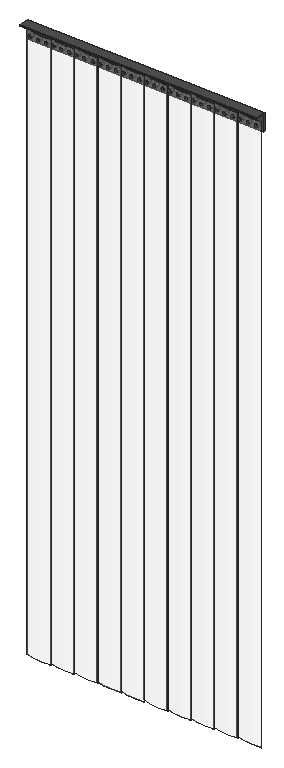
Revit family "Door_ClearStrip_SuperSeal_9010-1", category Doors, host Wall, Revit 2011
Parameters (values of type "ByType")
  Wind Load = ""
  Water Penetration = ""
  Strip Height = Rough Height + 0' 1 1/2"  # 7' - 1 1/2"
  Sound Transmission Class (STC) = 0
  RO Offset = 0' - 0"
  Panel Material = Fabric - Vinyl - Super Seal - Transparent
  Panel Height = 6' - 0"
  Manufacturer Phone = "800-337-3239 "
  Function = Interior
  Frame Thickness = 0' - 5"
  Frame Finish = Metal - Steel - Super Seal - Painted - Black
  Building Code Conformance = ""
  Air Infiltration = ""
  ASTM Conformance = ""
  Panel Width = 2' - 0"
  Warranty Duration (Years) = 0
  URL = "http://www.supersealmfg.com/"
  Thickness = 0' - 0 1/4"
  Test Data = ""
  Specification = ""
  SpecWizard = ""
  Send Message = "http://www.arcat.com/users.pl?action=UserEmail&company=Super-Seal%20Mfg.%20Ltd&coid=44693&rep=119&fax=905-850-4440 &mf="
  Sales Information = "http://www.supersealmfg.com/ContactUs.htm"
  Rough Width = (Width + (RO Offset * 2))  # 3' - 0"
  Rough Height = (Height + (RO Offset))  # 7' - 0"
  R_Value = 0
  Product Properties = ""
  Product Data = "http://arcat.com/arcatcos/cos44/arc44693.html?isac=1&r=1"
  Manufacturer Website = "http://www.supersealmfg.com/"
  Manufacturer Phone - Toll Free = "800-337-3239 "
  Manufacturer Fax = "905-850-4440 "
  Manufacturer Address = "670 Rowntree Dairy Rd. Woodbridge , ON, Canada L4L-5T8"
  Maintenance Schedule (Months) = 0
  Installation-Fabrication = ""
  Installation Phase = ""
  Green Building-LEED = ""
  Model = "As Specified"
  Manufacturer = "Super-Seal Mfg. Ltd"
  Keynote = "08300"
  Height = 7' - 0"
  Wall Closure = By host
  Width = 3' - 0"
  Fire Rating = "As Specified"
  Expected Lifespan (Years) = 0
  Drawn By = "Sumex Design, Inc. / Robert S. Weygant, CSI, CDT, SCIP"
  Description = "Super Seal "
  Copyright = "©Arcat Inc."
  Construction Details = "http://arcat.com/details/supersea/supersea.html?coid=44693"
  Building Codes = ""
  Assembly Code = ""
  ADA Compliant = yes
  AAMA Designation = ""
Reference planes (in)
  plane 1 "Center (Front/Back)": y = -33.96225
  plane 2 "Center (Left/Right)": x = 64.28704
  plane 3: z = 0
  plane 4 "Right": x = 82.28704
  plane 5 "Left": x = 46.28704
  plane 6 "Closure": y = -35.96225
  plane 7: z = 0
  plane 8 "Top of Frame": z = 84
  plane 9 "RO Top": z = 84
  plane 10 "RO Right": x = 82.28704
  plane 11 "RO Left": x = 46.28704
  plane 12: x = 106.28704
  plane 13: z = 48
Forms (in)
  Extrusion 1, solid, material "Metal - Steel - Super Seal - Painted - Black" <- "Frame Finish"
    sketch origin (46.28704, 0, 0) x (0, 0, 1) y (0, 1, 0)
      loop
        line (84, -35.96225) -> (84, -36.08725) -> (86.375, -36.08725) -> (86.375, -37.46225) -> (86.5, -37.46225) -> (86.5, -35.96225) -> (84, -35.96225)
    from 0 to -36
Lines and regions (in)
  Opening 1
    outline origin (-109.33485, -35.96225, 0) x (1, 0, 0) y (0, 0, 1)
      loop
        line (155.62189, 0) -> (191.62189, 0) -> (191.62189, 84) -> (155.62189, 84) -> (155.62189, 0)
Text (in)
  text "Exterior" at (36.47868, -4.19089, 0), in view "A101 - Plan View"
  text "Interior" at (36.47868, -56.64559, 0), in view "A101 - Plan View"
  text "Exterior" at (0, -17.98638, 123.01588), in view "Right"
  text "Interior" at (0, -64.39139, 123.01588), in view "Right"
  text "Interior" at (0, -52.09468, 121.14095), in view "Left"
  text "Exterior" at (0, 26.35325, 123.00693), in view "Left"
Dimensions and locks (in)
  equal spacing: plane 4 "Right", plane 2 "Center (Left/Right)", plane 5 "Left"
  "Width": plane 5 "Left" to plane 4 "Right"
  "Height": level to plane 8 "Top of Frame"
  "RO Offset": plane 5 "Left" to plane 11 "RO Left"
  "RO Offset": plane 10 "RO Right" to plane 4 "Right"
  "RO Offset": plane 9 "RO Top" to plane 8 "Top of Frame"
  locked: plane 13 to level at 48
  locked: plane 4 "Right" to plane 12 at 24
  locked: host wall to nested 1 at 0.125
  aligned and locked: host wall to plane 1 "Center (Front/Back)"
  aligned and locked: host wall to plane 6 "Closure"
  aligned and locked: Opening 1 sketch curve to level
  aligned and locked: plane 10 "RO Right" to Opening 1 sketch curve
  aligned and locked: Opening 1 sketch curve to plane 9 "RO Top"
  aligned and locked: plane 11 "RO Left" to Opening 1 sketch curve
  aligned and locked: plane 2 "Center (Left/Right)" to nested 1
  aligned and locked: Extrusion 1 to plane 4 "Right"
Automatic sketch dimensions
  Extrusion 1 sketch curve to host wall = 0' - 0"
  Extrusion 1 sketch curve to plane 9 "RO Top" = 0' - 0"
  plane 9 "RO Top" to Extrusion 1 sketch curve = 0' - 2 3/8"
  Extrusion 1 sketch curve to Extrusion 1 sketch curve = 0' - 0 1/8"
  host wall to Extrusion 1 sketch curve = 0' - 0 1/8"
  Extrusion 1 sketch curve to Extrusion 1 sketch curve = 0' - 1 3/8"
Nested families (in)
  nested 1: "Door_ClearStrip" at (64.28704, -36.33725, 0), Material <- "Panel Material", Unit Width <- "Width", Unit Height <- "Strip Height", type "Door_ClearStrip"
    with offset 0' - 0", Unit Width 3' - 0", Unit Height 7' - 1 1/2", Strips 10, Material Fabric - Vinyl - Super Seal - Transparent
Definition of nested family "Door_ClearStrip"
  Parameters
    offset [instance] = 0' - 0"
    Warranty Duration (Years) = 0
    Unit Width [instance] = 3' - 1 1/2"
    Unit Height [instance] = 6' - 0"
    Unit Depth = 0' - 0 1/2"
    URL = "http://www.supersealmfg.com/"
    Strips [instance] = Unit Width / 0' 3 3/4"  # 10
    Specification = ""
    SpecWizard = ""
    Send Message = "http://www.arcat.com/users.pl?action=UserEmail&company=Super-Seal%20Mfg.%20Ltd&coid=44693&rep=119&fax=905-850-4440 &mf="
    Sales Information = "http://www.supersealmfg.com/ContactUs.htm"
    Revision = "R1_07-2011"
    Product Properties = ""
    Product Data = "http://arcat.com/arcatcos/cos44/arc44693.html?isac=1&r=1"
    Model = "As Specified"
    Material [instance] = none
    Manufacturer Website = "http://www.supersealmfg.com/"
    Manufacturer Phone - Toll Free = "800-337-3239 "
    Manufacturer Phone = "800-337-3239 "
    Manufacturer Fax = "905-850-4440 "
    Manufacturer Address = "670 Rowntree Dairy Rd. Woodbridge , ON, Canada L4L-5T8"
    Manufacturer = "Super-Seal Mfg. Ltd"
    Maintenance Schedule (Months) = 0
    Keynote = ""
    Installation-Fabrication = ""
    Installation Phase = ""
    Green Building-LEED = ""
    Expected Lifespan (Years) = 0
    Drawn By = "Sumex Design, Inc. / Robert S. Weygant, CSI, CDT, SCIP"
    Description = "Super Seal"
    Copyright = "©Arcat Inc."
    Construction Details = "http://arcat.com/details/supersea/supersea.html?coid=44693"
    Assembly Code = ""
  Reference planes (in)
    plane 1 "Center (Front/Back)": y = 0
    plane 2 "Bottom": z = 0
    plane 3 "Center (Left/Right)": x = 0
    plane 4 "Front": y = -0.25
    plane 5 "Back": y = 0.25
    plane 6 "Left": x = -18.75
    plane 7 "Right": x = 18.75
    plane 8 "Top": z = 72
  Dimensions and locks (in)
    equal spacing: plane 6 "Left", plane 3 "Center (Left/Right)", plane 7 "Right"
    "Unit Width": plane 6 "Left" to plane 7 "Right"
    equal spacing: plane 5 "Back", plane 1 "Center (Front/Back)", plane 4 "Front"
    "Unit Height": plane 8 "Top" to level
    "Unit Depth": plane 5 "Back" to plane 4 "Front"
    equal spacing: group 1, group 3, group 4, group 5, group 6, group 7, group 8, group 9, group 10, group 2  (x3)
    aligned and locked: plane 6 "Left" to nested 1
    aligned and locked: plane 7 "Right" to nested 2
    aligned and locked: plane 1 "Center (Front/Back)" to nested 2
    aligned and locked: plane 1 "Center (Front/Back)" to nested 1
  Nested families (in)
    nested 1: "Clear Strip" at (-16.75, 0, 0), Material <- "Material", Unit Height <- "Unit Height", type "Clear Strip"
      with offset 0' - 0", Unit Height 6' - 0", Material none
    nested 2: "Clear Strip" at (16.75, 0, 0), Material <- "Material", Unit Height <- "Unit Height", type "Clear Strip"
      with offset 0' - 0", Unit Height 6' - 0", Material none
    nested 3: "Clear Strip" at (-13.02778, 0, 0), Material <- "Material", Unit Height <- "Unit Height", type "Clear Strip"
      with offset 0' - 0", Unit Height 6' - 0", Material none
    nested 4: "Clear Strip" at (-9.30556, 0, 0), Material <- "Material", Unit Height <- "Unit Height", type "Clear Strip"
      with offset 0' - 0", Unit Height 6' - 0", Material none
    nested 5: "Clear Strip" at (-5.58333, 0, 0), Material <- "Material", Unit Height <- "Unit Height", type "Clear Strip"
      with offset 0' - 0", Unit Height 6' - 0", Material none
    nested 6: "Clear Strip" at (-1.86111, 0, 0), Material <- "Material", Unit Height <- "Unit Height", type "Clear Strip"
      with offset 0' - 0", Unit Height 6' - 0", Material none
    nested 7: "Clear Strip" at (1.86111, 0, 0), Material <- "Material", Unit Height <- "Unit Height", type "Clear Strip"
      with offset 0' - 0", Unit Height 6' - 0", Material none
    nested 8: "Clear Strip" at (5.58333, 0, 0), Material <- "Material", Unit Height <- "Unit Height", type "Clear Strip"
      with offset 0' - 0", Unit Height 6' - 0", Material none
    nested 9: "Clear Strip" at (9.30556, 0, 0), Material <- "Material", Unit Height <- "Unit Height", type "Clear Strip"
      with offset 0' - 0", Unit Height 6' - 0", Material none
    nested 10: "Clear Strip" at (13.02778, 0, 0), Material <- "Material", Unit Height <- "Unit Height", type "Clear Strip"
      with offset 0' - 0", Unit Height 6' - 0", Material none
  Definition of nested family "Clear Strip"
    Parameters
      offset [instance] = 0' - 0"
      Warranty Duration (Years) = 0
      Unit Width = 0' - 4"
      Unit Height [instance] = 6' - 0"
      Unit Depth = 0' - 0 1/2"
      URL = "http://www.supersealmfg.com/"
      Specification = ""
      SpecWizard = ""
      Send Message = "http://www.arcat.com/users.pl?action=UserEmail&company=Super-Seal%20Mfg.%20Ltd&coid=44693&rep=119&fax=905-850-4440 &mf="
      Sales Information = "http://www.supersealmfg.com/ContactUs.htm"
      Revision = "R1_07-2011"
      Product Properties = ""
      Product Data = "http://arcat.com/arcatcos/cos44/arc44693.html?isac=1&r=1"
      Model = "As Specified"
      Material [instance] = none
      Manufacturer Website = "http://www.supersealmfg.com/"
      Manufacturer Phone - Toll Free = "800-337-3239 "
      Manufacturer Phone = "800-337-3239 "
      Manufacturer Fax = "905-850-4440 "
      Manufacturer Address = "670 Rowntree Dairy Rd. Woodbridge , ON, Canada L4L-5T8"
      Manufacturer = "Super-Seal Mfg. Ltd"
      Maintenance Schedule (Months) = 0
      Keynote = ""
      Installation-Fabrication = ""
      Installation Phase = ""
      Green Building-LEED = ""
      Expected Lifespan (Years) = 0
      Drawn By = "Sumex Design, Inc. / Robert S. Weygant, CSI, CDT, SCIP"
      Description = "Super Seal"
      Copyright = "©Arcat Inc."
      Construction Details = "http://arcat.com/details/supersea/supersea.html?coid=44693"
      Assembly Code = ""
    Reference planes (in)
      plane 1 "Center (Front/Back)": y = 0
      plane 2 "Bottom": z = 0
      plane 3 "Center (Left/Right)": x = 0
      plane 4 "Front": y = -0.25
      plane 5 "Back": y = 0.25
      plane 6 "Left": x = -2
      plane 7 "Right": x = 2
      plane 8 "Top": z = 72
    Forms (in)
      Extrusion 1, solid, material <- "Material"
        sketch origin (0, 0, 0) x (1, 0, 0) y (0, 1, 0)
          loop
            line (-2, 0.25) -> (-2.02074, 0.19104)
            arc (-2.02074, 0.19104) -> (-0.02752, -0.23954) -> (2.01019, -0.16162) r 8.14638
            line (2.01019, -0.16162) -> (2, -0.09995)
            arc (2, -0.09995) -> (-0.02207, -0.17728) -> (-2, 0.25) r 8.08388
        from 0 to 72
      Extrusion 2, solid, material "Metal - Steel - Super Seal - Painted - Black", detail levels medium+fine
        sketch origin (0, 0, 0) x (1, 0, 0) y (0, 0, 1)
          loop
            circle (-1.25, 71.25) r 0.25
          loop
            circle (0, 71.25) r 0.25
          loop
            circle (1.25, 71.25) r 0.25
        from -0.25 to 0.25
    Dimensions and locks (in)
      equal spacing: plane 6 "Left", plane 3 "Center (Left/Right)", plane 7 "Right"
      "Unit Width": plane 6 "Left" to plane 7 "Right"
      equal spacing: plane 5 "Back", plane 1 "Center (Front/Back)", plane 4 "Front"
      "Unit Height": plane 8 "Top" to level
      "Unit Depth": plane 5 "Back" to plane 4 "Front"
      aligned and locked: plane 8 "Top" to Extrusion 1
      aligned and locked: plane 5 "Back" to Extrusion 2
      aligned and locked: Extrusion 2 to plane 4 "Front"
    Automatic sketch dimensions
      Extrusion 1 sketch curve to Extrusion 1 sketch curve = 0' - 0"  (x2)
      Extrusion 1 sketch curve to plane 5 "Back" = 0' - 0"
      Extrusion 1 sketch curve to plane 6 "Left" = 0' - 0"
      Extrusion 1 sketch curve to plane 7 "Right" = 0' - 0"
      Extrusion 1 sketch curve to plane 6 "Left" = 0' - 0.02074"
      plane 3 "Center (Left/Right)" to Extrusion 1 sketch curve = 0' - 0.68248"
      plane 7 "Right" to Extrusion 1 sketch curve = 0' - 0.01019"
      Extrusion 1 sketch curve to plane 5 "Back" = 0' - 0.05896"
      plane 1 "Center (Front/Back)" to Extrusion 1 sketch curve = 0' - 0.09995"
      Extrusion 2 sketch curve to plane 3 "Center (Left/Right)" = 0' - 0"
      plane 6 "Left" to Extrusion 2 sketch curve = 0' - 0 3/4"
      Extrusion 2 sketch curve to plane 7 "Right" = 0' - 0 3/4"
      Extrusion 2 sketch curve to plane 8 "Top" = 0' - 0 3/4"  (x3)
      radius of Extrusion 2 sketch curve = 0' - 0 1/4"  (x3)
